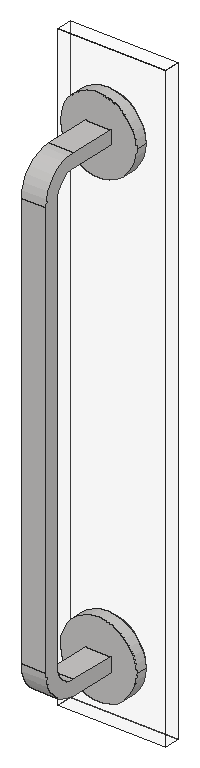
Revit family "SH-2704", category Plumbing Fixtures, Revit 2023
Family settings
  Round Connector Dimension = Use Diameter
  Part Type = Normal
  OmniClass Number = 23.45.00.00
  OmniClass Title = Sanitary, Laundry, and Cleaning Equipment
  Work Plane-Based = No
  Enable Cutting in Views = No
  Always vertical = Yes
  Cut with Voids When Loaded = No
  Maintain Annotation Orientation = No
  Shared = No
  Room Calculation Point = No
Parameters
  Default Elevation = 0' - 0"
Reference planes (in)
  plane 1 "Center (Front/Back)": y = 0
  plane 2: z = 0
  plane 3 "Center (Left/Right)": x = 0
  plane 4: x = 0.36342
  plane 5: x = -0.36342
  plane 6: z = 17.81494
  plane 7: z = 1.62744
  plane 8: z = 2.75244
  plane 9: z = 16.75244
  plane 10: y = -0.57628
Forms (in)
  Extrusion 1, solid, material "Metal Finish"
    sketch origin (0, 0, 0.15625) x (0, -1, 0) y (0, 0, -1)
      loop
        line (0.92285, -16.39506) -> (0.92285, -16.79732) -> (2.29932, -16.79732)
        arc (2.29932, -16.79732) -> (3.02549, -16.49653) -> (3.32628, -15.77037) r 1.02696
        line (3.32628, -15.77037) -> (3.32628, -3.39236)
        arc (3.32628, -3.39236) -> (3.0259, -2.66718) -> (2.30072, -2.3668) r 1.02556
        line (2.30072, -2.3668) -> (0.92285, -2.3668) -> (0.92285, -2.79499) -> (2.28945, -2.79499)
        arc (2.28945, -2.79499) -> (2.73057, -2.9777) -> (2.91329, -3.41883) r 0.62384
        line (2.91329, -3.41883) -> (2.91329, -15.77615)
        arc (2.91329, -15.77615) -> (2.73202, -16.21379) -> (2.29439, -16.39506) r 0.61891
        line (2.29439, -16.39506) -> (0.92285, -16.39506)
    from -0.36342 to 0.36342
  Extrusion 2, solid, material "Metal Finish"
    sketch origin (0, 0, 0.18084) x (1, 0, 0) y (0, 0, 1)
      loop
        circle (0, 2.57161) r 1.125
      loop
        circle (0, 16.50911) r 1.125
    from 0.57628 to 0.92285
  Extrusion 3, solid, material "Glass"
    sketch origin (0, 0, 0) x (0, 1, 0) y (0, 0, 1)
      loop
        line (0, 18.78525) -> (-0.5, 18.78525) -> (-0.5, 0.78525) -> (0, 0.78525) -> (0, 18.78525)
    from -1.5544 to 1.66107
  Revolve 4, solid
    sketch origin (0, 0, 0) x (0, 1, 0) y (0, 0, 1)
      loop
        line (-0.5, 16.68994) -> (-0.5, 17.73902) -> (-0.57628, 17.73902) -> (-0.57628, 16.68994) -> (-0.5, 16.68994)
      axis (-0.57628, 16.68994) -> (-0.5, 16.68994)
    angle from 0 to 360
  Revolve 5, solid
    sketch origin (0, 0, -13.9375) x (0, 1, 0) y (0, 0, 1)
      loop
        line (-0.4982, 16.68994) -> (-0.4982, 17.73902) -> (-0.57628, 17.73902) -> (-0.57628, 16.68994) -> (-0.4982, 16.68994)
      axis (-0.57628, 16.68994) -> (-0.4982, 16.68994)
    angle from 0 to 360
Dimensions and locks (in)
  plane 6 to plane 7 = 1' - 4 3/16"
  plane 9 to plane 8 = 1' - 2"
  plane 10 to Extrusion 1 = 0' - 2 3/4"
  aligned and locked: level to plane 2
